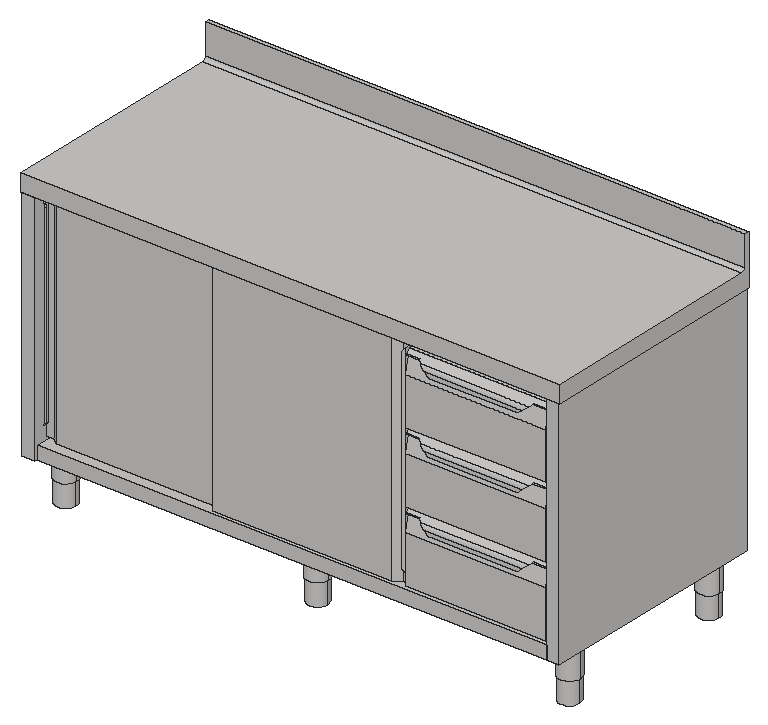
Revit family "QF_ELECTROLUXPROFESSIONAL_133169_NTA1610DXP", category Attrezzature speciali, Revit 2020
Family settings
  Quota connettore circolare = Usa diametro
  Tipo di parte = Normale
  Basato su piano di lavoro = No
  Sempre verticale = Sì
  Taglio con vuoti quando caricato = No
  Condiviso = No
  Punto di calcolo locali = No
Parameters (values of type "Standard")
  Weight = 70.00 kg
  Watts = 0 W
  Volts = 0 V
  URL Manufacturer = "https://www.electroluxprofessional.com/"
  URL = "https://www.electroluxprofessional.com/"
  Steam Supply Size = 0 mm
  Steam Supply Minimum Pressure = 0.0 Pa
  Steam Supply Maximum Pressure = 0.0 Pa
  Steam Consumption per Hour = 0
  Refrigeration Suction Line Size = 0.0 mm
  Refrigeration Liquid Line Size = 0.0 mm
  Refrigerant Compressor Remote = yes
  Prospetto di default = 0.0 mm
  Phase = 0
  Modello = "NTA1610DXP"
  Produttore = "Electrolux Professional"
  Length Actual = 1600.0 mm  # constant formula
  Item Number = "133169"
  Hot Water Size = 0 mm
  Height Actual = 1000.0 mm  # constant formula
  HP = "0 HP"
  Gas Size = 0 mm
  Gas KW = 0
  Gas Input Pressure = 0 W
  Direct Waste Size = 0 mm
  Descrizione = "TABLE+UPST. 3 R/H DRAW.+2 SLIDING D.1600"
  Depth Actual = 700.0 mm  # constant formula
  Cycle = 0 Hz
  Condensate Return Size = 0 mm
  Compressed Air Volume = 0.0 L/s
  Compressed Air Size = 0 mm
  Compressed Air Pressure = 0.0 Pa
  Cold Water Size = 0 mm
  Accessory = yes
Reference planes
  plane 1 "Center (Front/Back)": y = 0
  plane 2: z = 0
  plane 3 "Center Slide Doors": x = -409
  plane 4 "LEFT": x = -1000
  plane 5 "RIGHT": x = 600
  plane 6 "BACK": y = 350
  plane 7 "FRONT": y = -350
  plane 8 "TOP": z = 900
  plane 9: x = -954
  plane 10: x = 554
  plane 11: y = 270
  plane 12: y = -247
  plane 13 "FEET": z = 150
  plane 14: x = -956.5
  plane 15: y = -344.5
  plane 16: x = 138.5
  plane 17: x = -433.5
  plane 18: x = -384.5
  plane 19 "BaseTop": z = 850
  plane 20: x = -994.5
  plane 21: y = 344.5
  plane 22: z = 1000
  plane 23: x = 136
  plane 24: x = 556.5
  plane 25 "FeetLeft": x = -947
  plane 26: x = 547
  plane 27 "Center (Left/Right)": x = -200
  plane 28: x = 594.5
Forms (mm)
  Extrusion 1, solid, material "QF_Finishes_Stainless Steel"
    sketch origin (0, 0, 150) x (-1, 0, 0) y (0, -1, 0)
      loop
        line (994.5, -350) -> (994.5, 350) -> (956.5, 350) -> (956.5, -350) -> (994.5, -350)
      loop
        line (-556.4, -350) -> (-556.4, 344.5) -> (-594.5, 344.5) -> (-594.5, -350) -> (-556.4, -350)
    from 0 to 700
  Extrusion 2, solid, material "QF_Finishes_Stainless Steel"
    sketch origin (0, 0, 150) x (-1, 0, 0) y (0, -1, 0)
      loop
        line (956.5, -347) -> (956.5, 344.5) -> (-556.5, 344.5) -> (-556.5, -347) -> (956.5, -347)
    from 0 to 40
  Extrusion 3, solid, material "QF_Finishes_Stainless Steel"
    sketch origin (33, 0, 150) x (-1, 0, 0) y (0, -1, 0)
      loop
        line (417.5, 324.5) -> (417.5, 304.5) -> (987, 304.5) -> (987, 319.071) -> (977.942, 328.129) -> (976.312, 326.5) -> (985, 317.812) -> (985, 309.5) -> (966.034, 309.5) -> (946.034, 324.5) -> (417.5, 324.5)
    from 700 to 50
  Extrusion 4, void
    sketch origin (0, -350, 0) x (-1, 0, 0) y (0, 0, 1)
      loop
        line (942.418, 247.973) -> (942.418, 191.4) -> (956.5, 191.4) -> (956.5, 229.369) -> (942.418, 247.973)
      loop
        line (942.418, 816.627) -> (956.5, 835.231) -> (956.5, 850) -> (942.418, 850) -> (942.418, 816.627)
    from 20.5 to 40.5
  Extrusion 5, solid, material "QF_Finishes_Stainless Steel"
    sketch origin (0, 0, 150) x (-1, 0, 0) y (0, -1, 0)
      loop
        line (-556.5, -350) -> (956.5, -350) -> (956.5, -327) -> (-556.5, -327) -> (-556.5, -350)
    from 700 to 40
  Extrusion 6, solid, material "QF_Finishes_Stainless Steel"
    sketch origin (-409, 0, 0) x (0, 1, 0) y (0, 0, 1)
      loop
        line (-350, 900) -> (-350, 850) -> (350, 850) -> (350, 1000) -> (337, 1000) -> (337, 910)
        arc (337, 910) -> (334.071, 902.929) -> (327, 900) r 10
        line (327, 900) -> (-350, 900)
    from 1009 to -591
  Extrusion 7, solid, material "QF_Finishes_Stainless Steel"
    sketch origin (-847, -20, 150) x (1, 0, 0) y (0, 1, 0)
      loop
        line (413.5, -324.5) -> (944.034, -324.5) -> (964.034, -309.5) -> (981, -309.5) -> (981, -317.812) -> (974.312, -324.5) -> (975.942, -326.129) -> (983, -319.071) -> (983, -304.5) -> (413.5, -304.5) -> (413.5, -324.5)
    from 700 to 50
  Extrusion 8, void
    sketch origin (-814, -350, 0) x (1, 0, 0) y (0, 0, -1)
      loop
        line (940.418, -247.973) -> (952.5, -229.369) -> (952.5, -191.4) -> (940.418, -191.4) -> (940.418, -247.973)
      loop
        line (940.418, -816.627) -> (940.418, -850) -> (952.5, -850) -> (952.5, -835.231) -> (940.418, -816.627)
    from 2.49 to 20.5
  Extrusion 9, solid, material "QF_Finishes_Stainless Steel"
    sketch origin (0, 0, 850) x (-1, 0, 0) y (0, -1, 0)
      loop
        line (-556.5, 304.5) -> (-556.5, 299.5) -> (-554, 299.5) -> (-554, 304.5) -> (-556.5, 304.5)
    from 0 to -2
Cuts and joins
  Extrusion 4, Extrusion 8 cuts Extrusion 3
  Extrusion 8 cuts Extrusion 1
  Extrusion 8 cuts Extrusion 6
  Extrusion 8 cuts Extrusion 7
Lines and regions (mm)
  symbolic lines, style "SpecialityEquipment"
    curve 1: line (-1000, 350, 850) -> (600, 350, 850)
    curve 2: line (-1000, -350, 850) -> (-1000, 350, 850)
    curve 3: line (600, -350, 850) -> (-1000, -350, 850)
    curve 4: line (600, 350, 850) -> (600, -350, 850)
    curve 17: line (-1000, 337, 850) -> (600, 337, 850)
  symbolic lines, style "SpecialityEquipmentHiddenLines"
    curve 5: line (-433.5, -324.5, 200) -> (-433.5, -344.5, 200)
    curve 6: line (-954, -304.5, 850) -> (-384.5, -304.5, 850)
    curve 7: line (-384.5, -304.5, 850) -> (-384.5, -324.5, 850)
    curve 8: line (-384.5, -324.5, 850) -> (-913.034, -324.5, 850)
    curve 9: line (-913.034, -324.5, 850) -> (-933.034, -309.5, 850)
    curve 10: line (-933.034, -309.5, 850) -> (-954, -309.5, 850)
    curve 11: line (-954, -309.5, 850) -> (-954, -304.5, 850)
    curve 12: line (-433.5, -344.5, 850) -> (97.034, -344.5, 850)
    curve 13: line (97.034, -344.5, 850) -> (117.034, -329.5, 850)
    curve 14: line (117.034, -329.5, 850) -> (136, -329.5, 850)
    curve 15: line (136, -329.5, 850) -> (136, -324.5, 850)
    curve 16: line (136, -324.5, 850) -> (-384.5, -324.5, 850)
Dimensions and locks
  plane 6 "BACK" to plane 7 "FRONT" = 700.0 mm
  equal spacing: plane 6 "BACK", plane 1 "Center (Front/Back)", plane 7 "FRONT"
  locked: plane 13 "FEET" to level at 150
  locked: plane 6 "BACK" to plane 11 at 80
  locked: plane 12 to plane 7 "FRONT" at 103
  plane 17 to plane 18 = 49.0 mm
  equal spacing: plane 17, plane 3 "Center Slide Doors", plane 18
  locked: plane 4 "LEFT" to plane 20 at 5.5
  locked: plane 20 to plane 14 at 38
  plane 15 to plane 7 "FRONT" = 5.5 mm  (x2)
  plane 6 "BACK" to plane 21 = 5.5 mm
  locked: plane 23 to plane 16 at 2.5
  equal spacing: plane 9, plane 3 "Center Slide Doors", plane 23
  locked: plane 9 to plane 23 at 1090
  locked: plane 4 "LEFT" to plane 5 "RIGHT" at 1600
  locked: plane 25 "FeetLeft" to plane 20 at 47.5
  plane 8 "TOP" to level = 900.0 mm
  locked: plane 22 to level at 1000
  plane 22 to plane 8 "TOP" = 100.0 mm
  locked: plane 28 to plane 5 "RIGHT" at 5.5
  locked: plane 24 to plane 28 at 38
  locked: plane 10 to plane 24 at 2.5
  locked: plane 28 to plane 26 at 47.5
  equal spacing: plane 4 "LEFT", plane 27 "Center (Left/Right)", plane 5 "RIGHT"
  locked: plane 14 to plane 9 at 2.5
  aligned and locked: level to plane 2
  aligned and locked: nested 4 to plane 11
  aligned and locked: nested 3 to plane 11
  aligned and locked: plane 6 "BACK" to Extrusion 1 sketch curve
  aligned and locked: Extrusion 1 sketch curve to plane 6 "BACK"
  aligned and locked: Extrusion 1 sketch curve to plane 7 "FRONT"
  aligned and locked: plane 14 to Extrusion 1
  aligned and locked: Extrusion 2 to plane 14
  aligned and locked: Extrusion 2 to plane 15
  aligned and locked: nested 1 to plane 12
  aligned and locked: nested 2 to plane 12
  aligned and locked: plane 18 to Extrusion 3
  aligned and locked: nested 4 to nested 2
  aligned and locked: Extrusion 5 to plane 14
  aligned and locked: plane 19 "BaseTop" to Extrusion 3
  aligned and locked: plane 19 "BaseTop" to Extrusion 5
  aligned and locked: Extrusion 6 to plane 4 "LEFT"
  aligned and locked: plane 5 "RIGHT" to Extrusion 6
  aligned and locked: plane 24 to Extrusion 2 sketch curve
  aligned and locked: plane 25 "FeetLeft" to nested 1
  aligned and locked: nested 3 to nested 1
  aligned and locked: plane 26 to nested 2
  aligned and locked: nested 5 to plane 27 "Center (Left/Right)"
  aligned and locked: nested 6 to nested 5
  aligned and locked: Extrusion 5 to plane 24
  aligned and locked: plane 28 to cut or joined group of Extrusion 1, Extrusion 8
Automatic sketch dimensions
  Extrusion 1 sketch curve to plane 15 = 0.0 mm
  Extrusion 1 sketch curve to plane 14 = 0.0 mm
  Extrusion 1 sketch curve to plane 20 = 0.0 mm
  plane 24 to Extrusion 1 sketch curve = 0.1 mm
  Extrusion 2 sketch curve to plane 14 = 0.0 mm
  Extrusion 2 sketch curve to plane 15 = 0.0 mm
  plane 21 to Extrusion 2 sketch curve = 2.5 mm
  Extrusion 3 sketch curve to plane 18 = 0.0 mm
  Extrusion 3 sketch curve to plane 9 = 0.0 mm
  plane 25 "FeetLeft" to Extrusion 3 sketch curve = 33.966 mm
  plane 25 "FeetLeft" to Extrusion 3 sketch curve = 13.966 mm
  plane 25 "FeetLeft" to Extrusion 3 sketch curve = 3.688 mm
  plane 25 "FeetLeft" to Extrusion 3 sketch curve = 2.058 mm
  plane 9 to Extrusion 3 sketch curve = 2.0 mm
  plane 15 to Extrusion 3 sketch curve = 40.0 mm
  Extrusion 3 sketch curve to Extrusion 3 sketch curve = 5.0 mm
  Extrusion 3 sketch curve to Extrusion 3 sketch curve = 8.312 mm
  Extrusion 3 sketch curve to Extrusion 3 sketch curve = 1.259 mm
  plane 15 to Extrusion 3 sketch curve = 20.0 mm
  Extrusion 4 sketch curve to plane 19 "BaseTop" = 0.0 mm
  Extrusion 4 sketch curve to plane 14 = 0.0 mm  (x2)
  plane 25 "FeetLeft" to Extrusion 4 sketch curve = 4.582 mm  (x2)
  Extrusion 4 sketch curve to Extrusion 4 sketch curve = 14.769 mm
  Extrusion 4 sketch curve to Extrusion 4 sketch curve = 18.604 mm  (x2)
  plane 13 "FEET" to Extrusion 4 sketch curve = 97.973 mm
  Extrusion 4 sketch curve to Extrusion 4 sketch curve = 37.969 mm
  curve 5 to plane 15 = 0.0 mm
  curve 5 to plane 17 = 0.0 mm
  plane 15 to curve 5 = 20.0 mm
  Extrusion 5 sketch curve to plane 6 "BACK" = 0.0 mm
  Extrusion 5 sketch curve to plane 24 = 0.0 mm
  Extrusion 5 sketch curve to plane 14 = 0.0 mm
  plane 21 to Extrusion 5 sketch curve = 17.5 mm
  curve 17 to plane 5 "RIGHT" = 0.0 mm
  curve 16 to plane 23 = 0.0 mm
  curve 13 to plane 15 = 0.0 mm
  curve 7 to plane 18 = 0.0 mm
  curve 12 to plane 17 = 0.0 mm
  curve 11 to plane 9 = 0.0 mm
  curve 3 to plane 4 "LEFT" = 0.0 mm
  curve 1 to plane 6 "BACK" = 0.0 mm
  curve 3 to plane 7 "FRONT" = 0.0 mm
  curve 14 to curve 14 = 18.966 mm
  curve 13 to curve 13 = 20.0 mm
  plane 25 "FeetLeft" to curve 9 = 33.966 mm
  plane 25 "FeetLeft" to curve 9 = 13.966 mm
  plane 15 to curve 7 = 40.0 mm
  curve 6 to curve 10 = 5.0 mm
  plane 15 to curve 8 = 20.0 mm
  curve 15 to curve 15 = 5.0 mm
  curve 17 to plane 21 = 7.5 mm
  Extrusion 6 sketch curve to plane 7 "FRONT" = 0.0 mm
  Extrusion 6 sketch curve to plane 8 "TOP" = 0.0 mm
  Extrusion 6 sketch curve to plane 22 = 0.0 mm
  Extrusion 6 sketch curve to plane 6 "BACK" = 0.0 mm
  Extrusion 6 sketch curve to plane 19 "BaseTop" = 0.0 mm
  Extrusion 6 sketch curve to plane 21 = 17.5 mm
  Extrusion 6 sketch curve to plane 21 = 7.5 mm
  Extrusion 7 sketch curve to plane 17 = 0.0 mm
  Extrusion 7 sketch curve to plane 15 = 0.0 mm  (x2)
  Extrusion 7 sketch curve to plane 23 = 0.0 mm
  plane 23 to Extrusion 7 sketch curve = 38.966 mm
  plane 23 to Extrusion 7 sketch curve = 18.966 mm
  plane 23 to Extrusion 7 sketch curve = 8.688 mm
  plane 15 to Extrusion 7 sketch curve = 1.629 mm
  Extrusion 7 sketch curve to Extrusion 7 sketch curve = 1.629 mm
  plane 23 to Extrusion 7 sketch curve = 2.0 mm
  Extrusion 7 sketch curve to plane 15 = 15.0 mm
  Extrusion 7 sketch curve to Extrusion 7 sketch curve = 5.0 mm
  Extrusion 8 sketch curve to plane 19 "BaseTop" = 0.0 mm
  Extrusion 8 sketch curve to plane 16 = 0.0 mm  (x2)
  plane 23 to Extrusion 8 sketch curve = 9.582 mm  (x2)
  Extrusion 8 sketch curve to Extrusion 8 sketch curve = 14.769 mm
  Extrusion 8 sketch curve to Extrusion 8 sketch curve = 18.604 mm  (x2)
  Extrusion 8 sketch curve to plane 13 "FEET" = 97.973 mm
  Extrusion 8 sketch curve to Extrusion 8 sketch curve = 37.969 mm
  Extrusion 9 sketch curve to plane 24 = 0.0 mm
  Extrusion 9 sketch curve to plane 10 = 0.0 mm
  plane 15 to Extrusion 9 sketch curve = 45.0 mm
  Extrusion 9 sketch curve to Extrusion 9 sketch curve = 5.0 mm
  Extrusion 1 sketch curve to plane 5 "RIGHT" = 5.5 mm
Nested families
  nested 1: "FEET_D60-150" at (-947, -247, 0), type "FEET_D60-150"
  nested 2: "FEET_D60-150" at (547, -247, 0), type "FEET_D60-150"
  nested 3: "FEET_D60-150" at (-947, 270, 0), type "FEET_D60-150"
  nested 4: "FEET_D60-150" at (547, 270, 0), type "FEET_D60-150"
  nested 5: "FEET_D60-150" at (-200, -247, 0), type "FEET_D60-150"
  nested 6: "FEET_D60-150" at (-200, 270, 0), type "FEET_D60-150"
  nested 7: "H637_600_3DRAWERS" at (310.458, -304.5, 152) x (1, 0, 0) z (0, -1, 0), type "H637_600_3DRAWERS"
    with Show Clearance yes
Definition of nested family "FEET_D60-150"
  Parameters
    Default Elevation = 0.0 mm
    FEET = 150.0 mm
  Reference planes
    plane 1 "Center (Front/Back)": y = 0
    plane 2: z = 0
    plane 3 "Center (Left/Right)": x = 0
    plane 4: z = 150
  Forms (mm)
    Extrusion 1, solid
      sketch origin (0, 0, 0) x (1, 0, 0) y (0, 1, 0)
        loop
          circle (0, 0) r 28
      from 0 to 67
    Revolve 2, solid
      sketch origin (0, 0, 0) x (1, 0, 0) y (0, 0, 1)
        loop
          line (0, 0) -> (0, 150) -> (-32.939, 150) -> (-32.939, 67) -> (-30, 67) -> (-30, 0) -> (0, 0)
        axis (0, 150) -> (0, 0)
      angle from 0 to 360
  Lines and regions (mm)
    symbolic lines
      curve 1: line (0, -1.503, 0) -> (0, 1.508, 0)
      curve 2: line (1.561, 0, 0) -> (-1.439, 0, 0)
  Dimensions and locks
    "FEET": plane 4 to plane 2
    aligned and locked: level to plane 2
  Automatic sketch dimensions
    plane 1 "Center (Front/Back)" to Extrusion 1 sketch curve = 0.0 mm
    Extrusion 1 sketch curve to plane 3 "Center (Left/Right)" = 0.0 mm
    plane 1 "Center (Front/Back)" to curve 2 = 0.0 mm
    curve 1 to plane 3 "Center (Left/Right)" = 0.0 mm
    curve 2 to plane 3 "Center (Left/Right)" = 1.439 mm
    plane 3 "Center (Left/Right)" to curve 2 = 1.561 mm
    plane 1 "Center (Front/Back)" to curve 1 = 1.503 mm
    curve 1 to plane 1 "Center (Front/Back)" = 1.508 mm
    Revolve 2 sketch curve to plane 4 = 0.0 mm
    Revolve 2 sketch curve to level = 0.0 mm
    Revolve 2 sketch curve to plane 3 "Center (Left/Right)" = 0.0 mm  (x2)
    Revolve 2 sketch curve to plane 3 "Center (Left/Right)" = 30.0 mm
    Revolve 2 sketch curve to plane 3 "Center (Left/Right)" = 32.939 mm
    level to Revolve 2 sketch curve = 67.0 mm
    Revolve 2 sketch curve to level = 42.207 mm
    Revolve 2 sketch curve to Revolve 2 sketch curve = 10.0 mm
    radius of Extrusion 1 sketch curve = 28.0 mm
Definition of nested family "H637_600_3DRAWERS"
  Parameters
    Width = 419.0 mm
    Show Clearance [instance] = yes
    Model = "727995"
    Height = 700.0 mm
    Default Elevation = 0.0 mm
  Reference planes
    plane 1 "Center (Front/Back)": y = 0
    plane 2: z = 0
    plane 3 "Center (Left/Right)": x = 36.042
    plane 4 "panel": z = 25
    plane 5 "Left": x = -173.458
    plane 6 "Right": x = 245.542
    plane 7: y = 700
    plane 8: z = 45
    plane 9: x = 243.542
    plane 10: x = -171.458
    plane 11: y = 676
    plane 12: y = 38
    plane 13: z = 499.734
    plane 14: y = 470
    plane 15: y = 465
    plane 16: y = 259
    plane 17: y = 254
    plane 18: y = 48
  Forms (mm)
    Extrusion 1, solid
      sketch origin (0, -919.2, 0) x (1, 0, 0) y (0, 1, 0)
        loop
          line (-980.5, 2119.2) -> (-980.5, -162.846) -> (881.94, -162.846) -> (881.94, 2119.2) -> (-980.5, 2119.2)
      from 0 to -59.546
    Extrusion 2, solid
      sketch origin (36.042, -645.693, 0) x (0, 1, 0) y (0, 0, 1)
        loop
          line (856.63, 49.734) -> (856.63, 47.734) -> (866.98, 47.734)
          arc (866.98, 47.734) -> (873.586, 46.42) -> (879.186, 42.679) r 17.261
          line (879.186, 42.679) -> (896.019, 25.845) -> (899.693, 25) -> (880.6, 44.093)
          arc (880.6, 44.093) -> (874.351, 48.268) -> (866.98, 49.734) r 19.261
          line (866.98, 49.734) -> (856.63, 49.734)
      from -207.5 to 207.5
    Extrusion 3, solid, detail levels coarse
      sketch origin (0, 0, 0) x (1, 0, 0) y (0, 0, 1)
        loop
          line (-171.458, 40) -> (243.542, 40) -> (243.542, 499.734) -> (-171.458, 499.734) -> (-171.458, 40)
      from -48 to -254
    Extrusion 4, solid
      sketch origin (36.042, -616, 0) x (0, 1, 0) y (0, 0, 1)
        loop
          line (664.4, 40) -> (664.4, 0) -> (870, 0) -> (870, 25) -> (804.797, 40) -> (664.4, 40)
      from 207.5 to -207.5
    Extrusion 5, void
      sketch origin (0, 0, 0) x (1, 0, 0) y (0, 1, 0)
        loop
          line (-99.744, 213.799) -> (-133.705, 243.322) -> (-166.458, 243.322)
          arc (-166.458, 243.322) -> (-169.994, 244.786) -> (-171.458, 248.322) r 5
          line (-171.458, 248.322) -> (-171.458, 210.937) -> (-91.403, 210.937)
          arc (-91.403, 210.937) -> (-95.762, 211.819) -> (-99.744, 213.799) r 17.035
      from 36.678 to 53.74
    Extrusion 6, void
      sketch origin (72.084, 0, 0) x (-1, 0, 0) y (0, -1, 0)
        loop
          arc (-99.744, -213.799) -> (-95.762, -211.819) -> (-91.403, -210.937) r 17.035
          line (-91.403, -210.937) -> (-171.458, -210.937) -> (-171.458, -248.322)
          arc (-171.458, -248.322) -> (-169.994, -244.786) -> (-166.458, -243.322) r 5
          line (-166.458, -243.322) -> (-133.705, -243.322) -> (-99.744, -213.799)
      from 36.678 to 53.74
    Extrusion 7, solid
      sketch origin (36.042, -434.693, 0) x (0, 1, 0) y (0, 0, 1)
        loop
          line (856.63, 49.734) -> (856.63, 47.734) -> (866.98, 47.734)
          arc (866.98, 47.734) -> (873.586, 46.42) -> (879.186, 42.679) r 17.261
          line (879.186, 42.679) -> (896.019, 25.845) -> (899.693, 25) -> (880.6, 44.093)
          arc (880.6, 44.093) -> (874.351, 48.268) -> (866.98, 49.734) r 19.261
          line (866.98, 49.734) -> (856.63, 49.734)
      from -207.5 to 207.5
    Extrusion 8, solid
      sketch origin (36.042, -405, 0) x (0, 1, 0) y (0, 0, 1)
        loop
          line (664, 40) -> (664, 0) -> (870, 0) -> (870, 25) -> (804.797, 40) -> (664, 40)
      from 207.5 to -207.5
    Extrusion 9, void
      sketch origin (0, 211, 0) x (1, 0, 0) y (0, 1, 0)
        loop
          line (-99.744, 213.799) -> (-133.705, 243.322) -> (-166.458, 243.322)
          arc (-166.458, 243.322) -> (-169.994, 244.786) -> (-171.458, 248.322) r 5
          line (-171.458, 248.322) -> (-171.458, 210.937) -> (-91.403, 210.937)
          arc (-91.403, 210.937) -> (-95.762, 211.819) -> (-99.744, 213.799) r 17.035
      from 36.678 to 53.74
    Extrusion 10, void
      sketch origin (72.084, 211, 0) x (-1, 0, 0) y (0, -1, 0)
        loop
          arc (-99.744, -213.799) -> (-95.762, -211.819) -> (-91.403, -210.937) r 17.035
          line (-91.403, -210.937) -> (-171.458, -210.937) -> (-171.458, -248.322)
          arc (-171.458, -248.322) -> (-169.994, -244.786) -> (-166.458, -243.322) r 5
          line (-166.458, -243.322) -> (-133.705, -243.322) -> (-99.744, -213.799)
      from 36.678 to 53.74
    Extrusion 11, solid
      sketch origin (36.042, -223.693, 0) x (0, 1, 0) y (0, 0, 1)
        loop
          line (856.63, 49.734) -> (856.63, 47.734) -> (866.98, 47.734)
          arc (866.98, 47.734) -> (873.586, 46.42) -> (879.186, 42.679) r 17.261
          line (879.186, 42.679) -> (896.019, 25.845) -> (899.693, 25) -> (880.6, 44.093)
          arc (880.6, 44.093) -> (874.351, 48.268) -> (866.98, 49.734) r 19.261
          line (866.98, 49.734) -> (856.63, 49.734)
      from -207.5 to 207.5
    Extrusion 12, solid
      sketch origin (36.042, -194, 0) x (0, 1, 0) y (0, 0, 1)
        loop
          line (664, 40) -> (664, 0) -> (870, 0) -> (870, 25) -> (804.797, 40) -> (664, 40)
      from 207.5 to -207.5
    Extrusion 13, void
      sketch origin (0, 422, 0) x (1, 0, 0) y (0, 1, 0)
        loop
          line (-99.744, 213.799) -> (-133.705, 243.322) -> (-166.458, 243.322)
          arc (-166.458, 243.322) -> (-169.994, 244.786) -> (-171.458, 248.322) r 5
          line (-171.458, 248.322) -> (-171.458, 210.937) -> (-91.403, 210.937)
          arc (-91.403, 210.937) -> (-95.762, 211.819) -> (-99.744, 213.799) r 17.035
      from 36.678 to 53.74
    Extrusion 14, void
      sketch origin (72.084, 422, 0) x (-1, 0, 0) y (0, -1, 0)
        loop
          arc (-99.744, -213.799) -> (-95.762, -211.819) -> (-91.403, -210.937) r 17.035
          line (-91.403, -210.937) -> (-171.458, -210.937) -> (-171.458, -248.322)
          arc (-171.458, -248.322) -> (-169.994, -244.786) -> (-166.458, -243.322) r 5
          line (-166.458, -243.322) -> (-133.705, -243.322) -> (-99.744, -213.799)
      from 36.678 to 53.74
    Extrusion 15, solid, detail levels coarse
      sketch origin (0, 0, 0) x (1, 0, 0) y (0, 0, 1)
        loop
          line (-171.458, 40) -> (243.542, 40) -> (243.542, 499.734) -> (-171.458, 499.734) -> (-171.458, 40)
      from -259 to -465
    Extrusion 16, solid, detail levels coarse
      sketch origin (0, 0, 0) x (1, 0, 0) y (0, 0, 1)
        loop
          line (-171.458, 40) -> (243.542, 40) -> (243.542, 499.734) -> (-171.458, 499.734) -> (-171.458, 40)
      from -470 to -676
  Cuts and joins
    Extrusion 5, Extrusion 6, Extrusion 9, Extrusion 10 cuts Extrusion 2
    Extrusion 5 cuts Extrusion 4
    Extrusion 9, Extrusion 10, Extrusion 13, Extrusion 14 cuts Extrusion 7
    Extrusion 13, Extrusion 14 cuts Extrusion 11
  Lines and regions (mm)
    symbolic lines
      curve 1: line (243.542, 0, 179.734) -> (243.542, 0, 199.734)
      curve 2: line (212.235, 0, 49.734) -> (-171.458, 0, 49.734)
      curve 3: spline (231.959, 0, 44.389) -> (230.421, 0, 45.265) -> (228.856, 0, 46.066) -> (227.265, 0, 46.791) -> (225.651, 0, 47.437) -> (224.017, 0, 48.005) -> (222.365, 0, 48.493) -> (220.698, 0, 48.9) -> (219.019, 0, 49.226) -> (217.331, 0, 49.471) -> (215.636, 0, 49.633) -> (213.936, 0, 49.712) -> (212.236, 0, 49.71)
      curve 4: line (238.456, 0, 40) -> (231.959, 0, 44.389)
      curve 5: line (243.542, 0, 500) -> (-171.458, 0, 500)
      curve 6: line (243.542, 0, 349.734) -> (-171.458, 0, 349.734)
      curve 7: line (243.542, 0, 199.734) -> (-171.458, 0, 199.734)
      curve 8: line (243.542, 0, 480) -> (-171.458, 0, 480)
      curve 9: line (243.542, 0, 329.734) -> (-171.458, 0, 329.734)
      curve 10: line (243.542, 0, 179.734) -> (-171.458, 0, 179.734)
      curve 11: line (-156.458, 0, 49.734) -> (-156.458, 0, 179.734)
      curve 12: line (-156.458, 0, 349.734) -> (-156.458, 0, 480)
      curve 13: line (-156.458, 0, 199.734) -> (-156.458, 0, 329.734)
      curve 14: line (228.542, 0, 49.734) -> (228.542, 0, 179.734)
      curve 15: line (228.542, 0, 349.734) -> (228.542, 0, 480)
      curve 16: line (228.542, 0, 199.734) -> (228.542, 0, 329.734)
      curve 17: line (243.542, 0, 480) -> (243.542, 0, 500)
      curve 18: line (243.542, 0, 329.734) -> (243.542, 0, 349.734)
      curve 19: line (-171.458, 0, 179.734) -> (-171.458, 0, 199.734)
      curve 20: line (-171.458, 0, 480) -> (-171.458, 0, 500)
      curve 21: line (-171.458, 0, 329.734) -> (-171.458, 0, 349.734)
  Dimensions and locks
    plane 4 "panel" to level = 25.0 mm
    "Width": plane 5 "Left" to plane 6 "Right"
    equal spacing: plane 5 "Left", plane 3 "Center (Left/Right)", plane 6 "Right"
    "Height": plane 1 "Center (Front/Back)" to plane 7
    plane 9 to plane 6 "Right" = 2.0 mm
    plane 5 "Left" to plane 10 = 2.0 mm
    plane 7 to plane 11 = 24.0 mm
    plane 1 "Center (Front/Back)" to plane 12 = 38.0 mm
    plane 10 to plane 9 = 415.0 mm
    plane 11 to plane 14 = 206.0 mm
    locked: plane 14 to plane 15 at 5
    plane 15 to plane 16 = 206.0 mm
    locked: plane 16 to plane 17 at 5
    plane 17 to plane 18 = 206.0 mm  (x2)
    plane 16 to plane 17 = 5.0 mm
    plane 14 to plane 15 = 5.0 mm
    plane 16 to plane 15 = 206.0 mm
    plane 14 to plane 11 = 206.0 mm
    aligned and locked: plane 2 to Extrusion 1
    aligned and locked: level to Extrusion 1
    aligned and locked: plane 9 to Extrusion 4
    aligned and locked: plane 10 to Extrusion 4
  Automatic sketch dimensions
    Extrusion 1 sketch curve to Extrusion 1 sketch curve = 1862.44 mm
    Extrusion 1 sketch curve to Extrusion 1 sketch curve = 2282.046 mm
    Extrusion 2 sketch curve to Extrusion 2 sketch curve = 0.0 mm  (x2)
    Extrusion 2 sketch curve to plane 4 "panel" = 0.0 mm
    Extrusion 2 sketch curve to plane 17 = 0.0 mm
    plane 4 "panel" to Extrusion 2 sketch curve = 0.845 mm
    Extrusion 2 sketch curve to plane 17 = 3.674 mm
    Extrusion 2 sketch curve to plane 8 = 0.907 mm
    Extrusion 2 sketch curve to plane 17 = 19.093 mm
    Extrusion 2 sketch curve to plane 8 = 2.321 mm
    Extrusion 2 sketch curve to Extrusion 2 sketch curve = 1.414 mm
    plane 4 "panel" to Extrusion 2 sketch curve = 5.474 mm
    Extrusion 2 sketch curve to Extrusion 2 sketch curve = 12.205 mm
    Extrusion 2 sketch curve to Extrusion 2 sketch curve = 10.351 mm
    Extrusion 4 sketch curve to level = 0.0 mm
    Extrusion 4 sketch curve to plane 4 "panel" = 0.0 mm
    Extrusion 4 sketch curve to plane 17 = 0.0 mm
    Extrusion 4 sketch curve to plane 8 = 5.0 mm
    Extrusion 4 sketch curve to plane 17 = 65.203 mm
    plane 18 to Extrusion 4 sketch curve = 0.4 mm
    Extrusion 7 sketch curve to Extrusion 7 sketch curve = 0.0 mm  (x2)
    Extrusion 7 sketch curve to plane 4 "panel" = 0.0 mm
    Extrusion 7 sketch curve to plane 15 = 0.0 mm
    plane 4 "panel" to Extrusion 7 sketch curve = 0.845 mm
    Extrusion 7 sketch curve to plane 15 = 3.674 mm
    Extrusion 7 sketch curve to plane 8 = 0.907 mm
    Extrusion 7 sketch curve to plane 15 = 19.093 mm
    Extrusion 7 sketch curve to plane 8 = 2.321 mm
    Extrusion 7 sketch curve to Extrusion 7 sketch curve = 1.414 mm
    plane 4 "panel" to Extrusion 7 sketch curve = 5.474 mm
    Extrusion 7 sketch curve to Extrusion 7 sketch curve = 12.205 mm
    Extrusion 7 sketch curve to Extrusion 7 sketch curve = 10.351 mm
    Extrusion 8 sketch curve to plane 16 = 0.0 mm
    Extrusion 8 sketch curve to plane 4 "panel" = 0.0 mm
    Extrusion 8 sketch curve to plane 15 = 0.0 mm
    Extrusion 8 sketch curve to level = 0.0 mm
    Extrusion 8 sketch curve to plane 8 = 5.0 mm
    Extrusion 8 sketch curve to plane 15 = 65.203 mm
    Extrusion 11 sketch curve to Extrusion 11 sketch curve = 0.0 mm  (x2)
    Extrusion 11 sketch curve to plane 4 "panel" = 0.0 mm
    Extrusion 11 sketch curve to plane 11 = 0.0 mm
    plane 4 "panel" to Extrusion 11 sketch curve = 0.845 mm
    Extrusion 11 sketch curve to plane 11 = 3.674 mm
    Extrusion 11 sketch curve to plane 8 = 0.907 mm
    Extrusion 11 sketch curve to plane 11 = 19.093 mm
    Extrusion 11 sketch curve to plane 8 = 2.321 mm
    Extrusion 11 sketch curve to Extrusion 11 sketch curve = 1.414 mm
    plane 4 "panel" to Extrusion 11 sketch curve = 5.474 mm
    Extrusion 11 sketch curve to Extrusion 11 sketch curve = 12.205 mm
    Extrusion 11 sketch curve to Extrusion 11 sketch curve = 10.351 mm
    Extrusion 12 sketch curve to plane 14 = 0.0 mm
    Extrusion 12 sketch curve to plane 4 "panel" = 0.0 mm
    Extrusion 12 sketch curve to plane 11 = 0.0 mm
    Extrusion 12 sketch curve to level = 0.0 mm
    Extrusion 12 sketch curve to plane 8 = 5.0 mm
    Extrusion 12 sketch curve to plane 11 = 65.203 mm
    plane 10 to curve 21 = 0.0 mm
    plane 10 to curve 20 = 0.0 mm
    plane 10 to curve 2 = 0.0 mm
    plane 10 to curve 19 = 0.0 mm
    curve 6 to plane 9 = 0.0 mm
    curve 7 to plane 9 = 0.0 mm
    curve 17 to plane 9 = 0.0 mm
    curve 4 to plane 8 = 0.611 mm
    curve 4 to plane 9 = 11.583 mm
    plane 8 to curve 19 = 134.734 mm
    curve 19 to curve 19 = 20.0 mm
    curve 1 to curve 18 = 130.0 mm
    curve 9 to curve 18 = 20.0 mm
    plane 13 to curve 17 = 19.734 mm
    curve 20 to plane 13 = 0.266 mm
    plane 8 to curve 11 = 4.734 mm
    curve 11 to plane 10 = 15.0 mm
    curve 21 to curve 12 = 15.0 mm
    curve 19 to curve 13 = 15.0 mm
    curve 2 to curve 3 = 19.723 mm
    curve 2 to curve 3 = 0.0 mm
    curve 3 to level = 1.281 mm
    curve 3 to plane 6 "Right" = 32.398 mm
    curve 15 to curve 6 = 15.0 mm
    curve 14 to curve 1 = 15.0 mm
    curve 16 to curve 1 = 15.0 mm
    curve 4 to plane 9 = 5.086 mm
    curve 4 to plane 8 = 5.0 mm
    curve 3 to curve 2 = 0.025 mm
    plane 8 to curve 14 = 4.734 mm
    plane 10 to Extrusion 3 sketch curve = 0.0 mm
    Extrusion 3 sketch curve to plane 9 = 0.0 mm
    Extrusion 3 sketch curve to plane 13 = 0.0 mm
    Extrusion 3 sketch curve to plane 8 = 5.0 mm
    Extrusion 5 sketch curve to plane 10 = 0.0 mm
    Extrusion 5 sketch curve to plane 10 = 5.0 mm
    Extrusion 5 sketch curve to plane 17 = 10.678 mm
    Extrusion 5 sketch curve to Extrusion 5 sketch curve = 32.753 mm
    Extrusion 5 sketch curve to Extrusion 5 sketch curve = 33.961 mm
    Extrusion 5 sketch curve to Extrusion 5 sketch curve = 8.34 mm
    Extrusion 5 sketch curve to Extrusion 5 sketch curve = 9.511 mm
    Extrusion 5 sketch curve to plane 17 = 26.068 mm
    Extrusion 5 sketch curve to Extrusion 5 sketch curve = 14.132 mm
    Extrusion 6 sketch curve to plane 9 = 0.0 mm
    plane 9 to Extrusion 6 sketch curve = 5.0 mm
    plane 17 to Extrusion 6 sketch curve = 10.678 mm
    Extrusion 6 sketch curve to Extrusion 6 sketch curve = 32.753 mm
    Extrusion 6 sketch curve to Extrusion 6 sketch curve = 33.961 mm
    Extrusion 6 sketch curve to Extrusion 6 sketch curve = 8.34 mm
    Extrusion 6 sketch curve to Extrusion 6 sketch curve = 1.171 mm
    plane 17 to Extrusion 6 sketch curve = 26.068 mm
    Extrusion 6 sketch curve to Extrusion 6 sketch curve = 14.132 mm
    Extrusion 9 sketch curve to plane 10 = 0.0 mm
    Extrusion 9 sketch curve to plane 10 = 5.0 mm
    Extrusion 9 sketch curve to plane 15 = 10.678 mm
    Extrusion 9 sketch curve to Extrusion 9 sketch curve = 32.753 mm
    Extrusion 9 sketch curve to Extrusion 9 sketch curve = 33.961 mm
    Extrusion 9 sketch curve to Extrusion 9 sketch curve = 8.34 mm
    Extrusion 9 sketch curve to Extrusion 9 sketch curve = 9.511 mm
    Extrusion 9 sketch curve to plane 15 = 26.068 mm
    Extrusion 9 sketch curve to Extrusion 9 sketch curve = 14.132 mm
    Extrusion 10 sketch curve to plane 9 = 0.0 mm
    plane 9 to Extrusion 10 sketch curve = 5.0 mm
    plane 15 to Extrusion 10 sketch curve = 10.678 mm
    Extrusion 10 sketch curve to Extrusion 10 sketch curve = 32.753 mm
    Extrusion 10 sketch curve to Extrusion 10 sketch curve = 33.961 mm
    Extrusion 10 sketch curve to Extrusion 10 sketch curve = 8.34 mm
    Extrusion 10 sketch curve to Extrusion 10 sketch curve = 1.171 mm
    plane 15 to Extrusion 10 sketch curve = 26.068 mm
    Extrusion 10 sketch curve to Extrusion 10 sketch curve = 14.132 mm
    Extrusion 13 sketch curve to plane 10 = 0.0 mm
    Extrusion 13 sketch curve to plane 10 = 5.0 mm
    Extrusion 13 sketch curve to plane 11 = 10.678 mm
    Extrusion 13 sketch curve to Extrusion 13 sketch curve = 32.753 mm
    Extrusion 13 sketch curve to Extrusion 13 sketch curve = 33.961 mm
    Extrusion 13 sketch curve to Extrusion 13 sketch curve = 8.34 mm
    Extrusion 13 sketch curve to Extrusion 13 sketch curve = 9.511 mm
    Extrusion 13 sketch curve to plane 11 = 26.068 mm
    Extrusion 13 sketch curve to Extrusion 13 sketch curve = 14.132 mm
    Extrusion 14 sketch curve to plane 9 = 0.0 mm
    plane 9 to Extrusion 14 sketch curve = 5.0 mm
    plane 11 to Extrusion 14 sketch curve = 10.678 mm
    Extrusion 14 sketch curve to Extrusion 14 sketch curve = 32.753 mm
    Extrusion 14 sketch curve to Extrusion 14 sketch curve = 33.961 mm
    Extrusion 14 sketch curve to Extrusion 14 sketch curve = 8.34 mm
    Extrusion 14 sketch curve to Extrusion 14 sketch curve = 1.171 mm
    plane 11 to Extrusion 14 sketch curve = 26.068 mm
    Extrusion 14 sketch curve to Extrusion 14 sketch curve = 14.132 mm
    plane 10 to Extrusion 15 sketch curve = 0.0 mm
    Extrusion 15 sketch curve to plane 9 = 0.0 mm
    Extrusion 15 sketch curve to plane 8 = 5.0 mm
    plane 13 to Extrusion 15 sketch curve = 0.0 mm
    plane 10 to Extrusion 16 sketch curve = 0.0 mm
    Extrusion 16 sketch curve to plane 9 = 0.0 mm
    Extrusion 16 sketch curve to plane 8 = 5.0 mm
    plane 8 to Extrusion 16 sketch curve = 454.734 mm
